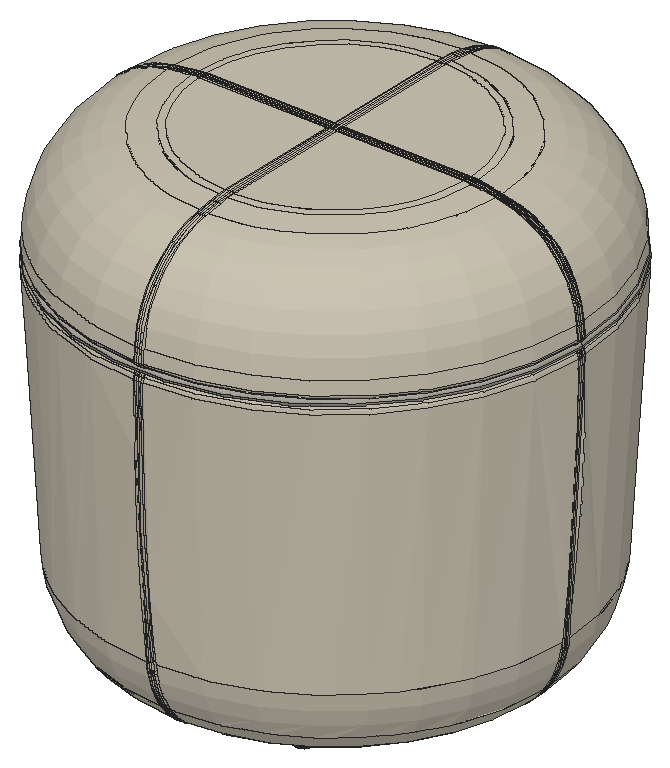
Revit family "okamura_MS36MCN_Lives Pouf_Φ450 H420", category Furniture, Revit 2017
Family settings
  OmniClass Number = 23.40.20.00
  OmniClass Title = General Furniture and Specialties
  Work Plane-Based = No
  Always vertical = Yes
  Cut with Voids When Loaded = No
  Shared = No
  Room Calculation Point = No
Parameters (values of type "FNW2（Beige）")
  Serial No. [instance] = ""
  Remarks = ""
  Product Specifications [instance] = "Φ450 H420"  # constant formula
  Product Number = "MS36MCN"  # constant formula
  Product Name [instance] = "Lives Pouf"  # constant formula
  Product Code [instance] = "MS36MCN"  # constant formula
  Product Categories = "Collaboration"  # constant formula
  Manufacturer = "Okamura Corporation"  # constant formula
  Kind = "Stool"  # constant formula
  Inntroduction Date [instance] = ""
  Groove = okm_XW2
  Tag = okm_P346
  Keynote = "12490"  # constant formula
  Common Specification = ""
  Color Name [instance] = "Beige"
  Color Code [instance] = "FNW2"
  Body = okm_FXW2
  Ball edge = okm_FKY7
  Assembly Code = "E2020200"
  W = 450.0 mm  # constant formula
  URL = "http://www.okamura.co.jp/"
  Product_URL = ""
  ID [instance] = ""
  H = 420.0 mm  # constant formula
  D = 450.0 mm  # constant formula
  Copyright [instance] = "©2021.01 okamura Corp."  # constant formula
Types (10, lengths in mm): name | Groove | Tag | Color Name | Color Code | Body | Ball edge
  FNW2（Beige） | okm_XW2 | okm_P346 | "Beige" | "FNW2" | okm_FXW2 | okm_FKY7
  FNW3（Dark brown） | okm_XW3 | okm_P346 | "Dark brown" | "FNW3" | okm_FXW3 | okm_FKY3
  FNW1（Gray） | okm_XW1 | okm_P601 | "Gray" | "FNW1" | okm_FXW1 | okm_FKY2
  FNW4（Indigo） | okm_XW4 | okm_P601 | "Indigo" | "FNW4" | okm_FXW4 | okm_FKY4
  FNW9（Sage） | okm_XW9 | okm_P601 | "Sage" | "FXW9" | okm_FXW9 | okm_FKY6
  FNW5（Dark green） | okm_XW5 | okm_PE76 | "Dark green" | "FNW5" | okm_FXW5 | okm_FKY5
  FNW7（Yellow） | okm_XW7 | okm_PE76 | "Yellow" | "FXW7" | okm_FXW7 | okm_FKY9
  FNW6（Terracotta） | okm_XW6 | okm_PE77 | "Terracotta" | "FNW6" | okm_FXW6 | okm_FKY8
  FNW8（Pale pink） | okm_XW8 | okm_PE77 | "Pale pink" | "FXW8" | okm_FXW8 | okm_FKZ7
  FNW0（Dark gray） | okm_XW0 | okm_P601 | "Dark gray" | "FNW0" | okm_FXW0 | okm_FKY1
Reference planes
  plane 1 "Center (Front/Back)": y = -225
  plane 2: z = 0
  plane 3 "Center (Left/Right)": x = 0
  plane 4 "Left": x = -225
  plane 5 "Right": x = 225
  plane 6 "Back": y = 0
  plane 7 "Front": y = -450
  plane 8 "上": z = 420
Forms (mm)
  Revolve 1, solid, material "okm_FXW2" <- "Body"
    sketch origin (0, -225, 0) x (1, 0, 0) y (0, 0, 1)
      loop
        line (0, 420) -> (-120.671, 420)
        arc (-120.671, 420) -> (-124.037, 419.887) -> (-127.389, 419.547) r 50
        line (-127.389, 419.547) -> (-149.623, 416.532)
        arc (-149.623, 416.532) -> (-200.272, 390.375) -> (-223.005, 338.099) r 85
        line (-223.005, 338.099) -> (-223.843, 325.84)
        arc (-223.843, 325.84) -> (-223.654, 324.569) -> (-222.95, 323.493) r 3
        line (-222.95, 323.493) -> (-220.732, 321.319) -> (-223.59, 314.81)
        arc (-223.59, 314.81) -> (-224.216, 312.862) -> (-224.433, 310.828) r 10
        arc (-224.433, 310.828) -> (-220.986, 192.306) -> (-209.752, 74.268) r 1801.826
        arc (-209.752, 74.268) -> (-203.697, 50.587) -> (-192.078, 29.082) r 100
        arc (-192.078, 29.082) -> (-184.944, 20.502) -> (-176.597, 13.095) r 73.752
        arc (-176.597, 13.095) -> (-170.879, 10.064) -> (-164.493, 9.017) r 20
        line (-164.493, 9.017) -> (0, 9.017) -> (0, 420)
      axis (0, 420) -> (0, 9.017)
    angle from 0 to 360
  Revolve 2, solid, material "okm_FKY7" <- "Ball edge"
    sketch origin (0, -225, -1.055) x (1, 0, 0) y (0, 0, 1)
      loop
        circle (-221.7, 320.913) r 3
      axis (0, 320.913) -> (0, 319.913)
    angle from 0 to 360
  Extrusion 3, solid, material "okm_P346" <- "Tag"
    sketch origin (0, 1.25, -0.625) x (0, 1, 0) y (0, 0, 1)
      loop
        line (37.534, 298.825) -> (34.019, 302.212)
        arc (34.019, 302.212) -> (28.992, 306.545) -> (23.517, 310.297) r 60
        line (23.517, 310.297) -> (22.306, 311.031)
        arc (22.306, 311.031) -> (15.941, 314.158) -> (9.124, 316.112) r 40
        line (9.124, 316.112) -> (-6.397, 319.103) -> (-7.043, 317.271) -> (8.521, 311.777)
        arc (8.521, 311.777) -> (15.548, 307.503) -> (20.261, 300.762) r 20
        line (20.261, 300.762) -> (23.616, 292.896)
        arc (23.616, 292.896) -> (30.506, 284.383) -> (40.846, 280.775) r 20
        line (40.846, 280.775) -> (43.291, 280.632)
        arc (43.291, 280.632) -> (46.401, 282.175) -> (46.653, 285.637) r 3.5
        line (46.653, 285.637) -> (45.865, 287.284)
        arc (45.865, 287.284) -> (42.217, 293.428) -> (37.534, 298.825) r 40
      loop
        arc (32.978, 301.132) -> (28.077, 305.357) -> (22.739, 309.014) r 58.5
        line (22.739, 309.014) -> (21.528, 309.749)
        arc (21.528, 309.749) -> (15.402, 312.759) -> (8.84, 314.639) r 38.5
        line (8.84, 314.639) -> (0.205, 316.303) -> (9.021, 313.191)
        arc (9.021, 313.191) -> (16.575, 308.597) -> (21.641, 301.351) r 21.5
        line (21.641, 301.351) -> (24.995, 293.485)
        arc (24.995, 293.485) -> (31.369, 285.61) -> (40.934, 282.273) r 18.5
        line (40.934, 282.273) -> (43.379, 282.13)
        arc (43.379, 282.13) -> (45.156, 283.011) -> (45.3, 284.99) r 2
        line (45.3, 284.99) -> (44.512, 286.636)
        arc (44.512, 286.636) -> (41.001, 292.55) -> (36.494, 297.745) r 38.5
        line (36.494, 297.745) -> (32.978, 301.132)
    from -24.948 to 22.993
  Extrusion 4, solid, material "okm_G155"
    sketch origin (0, 0, 0) x (1, 0, 0) y (0, 1, 0)
      loop
        circle (0, -225) r 161
    from 6.856 to 9.141
  Revolve 5, solid, material "okm_G155"
    sketch origin (4346.039, -96, -213.314) x (0, 0, -1) y (1, 0, 0)
      loop
        line (-215.382, -4430.948) -> (-213.314, -4428.713) -> (-213.314, -4420.694) -> (-220.474, -4420.694) -> (-220.474, -4431.166) -> (-215.382, -4430.948)
      axis (-220.474, -4420.694) -> (-213.314, -4420.694)
    angle from 0 to 360
  Revolve 6, solid, material "okm_G155"
    sketch origin (4272.2, -238, -213.314) x (0, 0, -1) y (-1, 0, 0)
      loop
        line (-215.382, 4430.948) -> (-220.474, 4431.166) -> (-220.474, 4420.694) -> (-213.314, 4420.694) -> (-213.314, 4428.713) -> (-215.382, 4430.948)
      axis (-220.474, 4420.694) -> (-213.314, 4420.694)
    angle from 0 to 360
  Revolve 7, solid, material "okm_G155"
    sketch origin (-4272.2, -212, -213.314) x (0, 0, -1) y (1, 0, 0)
      loop
        line (-215.382, 4430.948) -> (-220.474, 4431.166) -> (-220.474, 4420.694) -> (-213.314, 4420.694) -> (-213.314, 4428.713) -> (-215.382, 4430.948)
      axis (-220.474, 4420.694) -> (-213.314, 4420.694)
    angle from 0 to 360
  Revolve 8, solid, material "okm_G155"
    sketch origin (-4346.164, -96, -213.314) x (0, 0, -1) y (1, 0, 0)
      loop
        line (-215.382, 4430.948) -> (-220.474, 4431.166) -> (-220.474, 4420.694) -> (-213.314, 4420.694) -> (-213.314, 4428.713) -> (-215.382, 4430.948)
      axis (-220.474, 4420.694) -> (-213.314, 4420.694)
    angle from 0 to 360
  Extrusion 9, void
    sketch origin (0, 0, 0) x (0, 1, 0) y (0, 0, 1)
      loop
        line (-220.775, -45.103) -> (-220.775, 475) -> (-229.225, 475) -> (-229.225, -45.103) -> (-220.775, -45.103)
    from -245.258 to 250
  Sweep 10, solid, material "okm_XW2" <- "Groove"
    path origin (0, -225, 0) x (0, 1, 0) y (0, 0, -1)
      loop
        line (161, -9.017) -> (165.065, -9.017)
        arc (165.065, -9.017) -> (166.404, -9.107) -> (167.719, -9.375) r 10
        line (167.719, -9.375) -> (172.951, -10.815)
        arc (172.951, -10.815) -> (174.79, -11.523) -> (176.455, -12.578) r 10
        arc (176.455, -12.578) -> (197.893, -36.663) -> (209.466, -66.758) r 90
        arc (209.466, -66.758) -> (209.709, -68.156) -> (209.914, -69.559) r 50
        arc (209.914, -69.559) -> (221.543, -190.248) -> (224.895, -311.45) r 1772.827
        arc (224.895, -311.45) -> (224.698, -313.36) -> (224.139, -315.198) r 10
        line (224.139, -315.198) -> (221.595, -321.365) -> (223.774, -323.493)
        arc (223.774, -323.493) -> (224.481, -324.569) -> (224.672, -325.842) r 3
        line (224.672, -325.842) -> (223.873, -337.64)
        arc (223.873, -337.64) -> (202.096, -388.928) -> (153.234, -415.709) r 85
        line (153.234, -415.709) -> (136.123, -418.601)
        arc (136.123, -418.601) -> (127.819, -419.65) -> (119.457, -420) r 100
        line (119.457, -420) -> (-119.457, -420)
        arc (-119.457, -420) -> (-127.819, -419.65) -> (-136.123, -418.601) r 100
        line (-136.123, -418.601) -> (-153.234, -415.709)
        arc (-153.234, -415.709) -> (-202.096, -388.928) -> (-223.873, -337.64) r 85
        line (-223.873, -337.64) -> (-224.672, -325.842)
        arc (-224.672, -325.842) -> (-224.481, -324.569) -> (-223.774, -323.493) r 3
        line (-223.774, -323.493) -> (-221.595, -321.365) -> (-224.139, -315.198)
        arc (-224.139, -315.198) -> (-224.698, -313.36) -> (-224.895, -311.45) r 10
        arc (-224.895, -311.45) -> (-221.543, -190.248) -> (-209.914, -69.559) r 1772.827
        arc (-209.914, -69.559) -> (-209.709, -68.156) -> (-209.466, -66.758) r 50
        arc (-209.466, -66.758) -> (-197.893, -36.663) -> (-176.455, -12.578) r 90
        arc (-176.455, -12.578) -> (-174.79, -11.523) -> (-172.951, -10.815) r 10
        line (-172.951, -10.815) -> (-167.719, -9.375)
        arc (-167.719, -9.375) -> (-166.404, -9.107) -> (-165.065, -9.017) r 10
        line (-165.065, -9.017) -> (-161, -9.017)
    profile origin (0, -225, 420) x (0, 0, 1) y (-1, 0, 0)
      loop
        line (0, 1) -> (0, 3)
        arc (0, 3) -> (-0.282, 3.791) -> (-1, 4.225) r 1.25
        line (-1, 4.225) -> (-1, -4.225)
        arc (-1, -4.225) -> (-0.282, -3.791) -> (0, -3) r 1.25
        line (0, -3) -> (0, -1)
        arc (0, -1) -> (-0.119, -0.451) -> (-0.453, 0) r 1.33
        arc (-0.453, 0) -> (-0.119, 0.451) -> (0, 1) r 1.33
  Extrusion 11, void
    sketch origin (225, -225, 0) x (1, 0, 0) y (0, 0, -1)
      loop
        line (-220.775, 45.103) -> (-229.225, 45.103) -> (-229.225, -475) -> (-220.775, -475) -> (-220.775, 45.103)
    from -245.258 to 250
  Revolve 12, solid, material "okm_G155"
    sketch origin (4346.039, -354, -213.314) x (0, 0, -1) y (-1, 0, 0)
      loop
        line (-215.382, 4430.948) -> (-220.474, 4431.166) -> (-220.474, 4420.694) -> (-213.314, 4420.694) -> (-213.314, 4428.713) -> (-215.382, 4430.948)
      axis (-220.474, 4420.694) -> (-213.314, 4420.694)
    angle from 0 to 360
  Revolve 13, solid, material "okm_G155"
    sketch origin (-4346.164, -354, -213.314) x (0, 0, -1) y (-1, 0, 0)
      loop
        line (-215.382, -4430.948) -> (-213.314, -4428.713) -> (-213.314, -4420.694) -> (-220.474, -4420.694) -> (-220.474, -4431.166) -> (-215.382, -4430.948)
      axis (-220.474, -4420.694) -> (-213.314, -4420.694)
    angle from 0 to 360
  Sweep 14, solid, material "okm_XW2" <- "Groove"
    path origin (0, -225, 0) x (1, 0, 0) y (0, 0, 1)
      loop
        line (161, 9.017) -> (165.065, 9.017)
        arc (165.065, 9.017) -> (166.404, 9.107) -> (167.719, 9.375) r 10
        line (167.719, 9.375) -> (172.951, 10.815)
        arc (172.951, 10.815) -> (174.79, 11.523) -> (176.455, 12.578) r 10
        arc (176.455, 12.578) -> (197.893, 36.663) -> (209.466, 66.758) r 90
        arc (209.466, 66.758) -> (209.709, 68.156) -> (209.914, 69.559) r 50
        arc (209.914, 69.559) -> (221.543, 190.248) -> (224.895, 311.45) r 1772.827
        arc (224.895, 311.45) -> (224.698, 313.36) -> (224.139, 315.198) r 10
        line (224.139, 315.198) -> (221.595, 321.365) -> (223.774, 323.493)
        arc (223.774, 323.493) -> (224.481, 324.569) -> (224.672, 325.842) r 3
        line (224.672, 325.842) -> (223.873, 337.64)
        arc (223.873, 337.64) -> (202.096, 388.928) -> (153.234, 415.709) r 85
        line (153.234, 415.709) -> (136.123, 418.601)
        arc (136.123, 418.601) -> (127.819, 419.65) -> (119.457, 420) r 100
        line (119.457, 420) -> (-119.457, 420)
        arc (-119.457, 420) -> (-127.819, 419.65) -> (-136.123, 418.601) r 100
        line (-136.123, 418.601) -> (-153.234, 415.709)
        arc (-153.234, 415.709) -> (-202.096, 388.928) -> (-223.873, 337.64) r 85
        line (-223.873, 337.64) -> (-224.672, 325.842)
        arc (-224.672, 325.842) -> (-224.481, 324.569) -> (-223.774, 323.493) r 3
        line (-223.774, 323.493) -> (-221.595, 321.365) -> (-224.139, 315.198)
        arc (-224.139, 315.198) -> (-224.698, 313.36) -> (-224.895, 311.45) r 10
        arc (-224.895, 311.45) -> (-221.543, 190.248) -> (-209.914, 69.559) r 1772.827
        arc (-209.914, 69.559) -> (-209.709, 68.156) -> (-209.466, 66.758) r 50
        arc (-209.466, 66.758) -> (-197.893, 36.663) -> (-176.455, 12.578) r 90
        arc (-176.455, 12.578) -> (-174.79, 11.523) -> (-172.951, 10.815) r 10
        line (-172.951, 10.815) -> (-167.719, 9.375)
        arc (-167.719, 9.375) -> (-166.404, 9.107) -> (-165.065, 9.017) r 10
        line (-165.065, 9.017) -> (-161, 9.017)
    profile origin (0, -225, 420) x (0, 0, -1) y (0, -1, 0)
      loop
        arc (0, 1) -> (0.119, 0.451) -> (0.453, 0) r 1.33
        arc (0.453, 0) -> (0.119, -0.451) -> (0, -1) r 1.33
        line (0, -1) -> (0, -3)
        arc (0, -3) -> (0.282, -3.791) -> (1, -4.225) r 1.25
        line (1, -4.225) -> (1, 4.225)
        arc (1, 4.225) -> (0.282, 3.791) -> (0, 3) r 1.25
        line (0, 3) -> (0, 1)
Cuts and joins
  Extrusion 9, Extrusion 11 cuts Revolve 5
  Extrusion 9, Extrusion 11 cuts Revolve 6
  Extrusion 9, Extrusion 11 cuts Revolve 7
  Extrusion 9, Extrusion 11 cuts Revolve 8
  joined: Extrusion 4, Revolve 5, Revolve 6, Revolve 7, Revolve 8, Revolve 12, Revolve 13
  Extrusion 9, Extrusion 11 cuts Revolve 1
  joined: Sweep 10, Sweep 14
Lines and regions (mm)
  Masking region 1
    outline origin (0, 0, 0) x (1, 0, 0) y (0, 1, 0)
      loop
        circle (-0.001, -224.999) r 225
  symbolic lines, style "okm_標準・詳細", detail levels medium+fine
    curve 1: circle (0.001, -225.001, 0) r 224.999 normal (0, 0, 1)
  symbolic lines, style "okm_簡略", detail levels coarse
    curve 2: circle (-0.001, -224.999, 0) r 225 normal (0, 0, 1)
Dimensions and locks
  equal spacing: plane 4 "Left", plane 3 "Center (Left/Right)", plane 5 "Right"
  "W": plane 4 "Left" to plane 5 "Right"
  equal spacing: plane 7 "Front", plane 1 "Center (Front/Back)", plane 6 "Back"
  "D": plane 7 "Front" to plane 6 "Back"
  "H": plane 8 "上" to level
  aligned and locked: level to plane 2
Automatic sketch dimensions
  curve 2 to plane 3 "Center (Left/Right)" = 0.001 mm
  plane 3 "Center (Left/Right)" to curve 1 = 0.001 mm
  plane 1 "Center (Front/Back)" to curve 1 = 0.001 mm
  curve 2 to plane 1 "Center (Front/Back)" = 0.001 mm
  Revolve 1 sketch curve to plane 8 "上" = 0.0 mm
  Revolve 1 sketch curve to plane 3 "Center (Left/Right)" = 0.0 mm  (x2)
  Revolve 1 sketch curve to plane 3 "Center (Left/Right)" = 110.567 mm
  plane 4 "Left" to Revolve 1 sketch curve = 104.329 mm
  Revolve 1 sketch curve to plane 8 "上" = 0.453 mm
  Revolve 1 sketch curve to Revolve 1 sketch curve = 6.718 mm
  Revolve 1 sketch curve to Revolve 1 sketch curve = 21.395 mm
  Revolve 1 sketch curve to Revolve 1 sketch curve = 17.532 mm
  Revolve 1 sketch curve to plane 8 "上" = 3.468 mm
  Revolve 1 sketch curve to Revolve 1 sketch curve = 22.234 mm
  level to Revolve 1 sketch curve = 9.017 mm
  plane 4 "Left" to Revolve 1 sketch curve = 60.507 mm
  plane 4 "Left" to Revolve 1 sketch curve = 10.567 mm
  plane 4 "Left" to Revolve 1 sketch curve = 4.268 mm
  plane 4 "Left" to Revolve 1 sketch curve = 4.15 mm
  plane 4 "Left" to Revolve 1 sketch curve = 2.05 mm
  plane 4 "Left" to Revolve 1 sketch curve = 1.995 mm
  plane 4 "Left" to Revolve 1 sketch curve = 1.41 mm
  plane 4 "Left" to Revolve 1 sketch curve = 1.157 mm
  Revolve 1 sketch curve to plane 8 "上" = 116.082 mm
  plane 5 "Right" to Revolve 1 sketch curve = 1352.379 mm
  Revolve 1 sketch curve to Revolve 1 sketch curve = 20.0 mm
  Revolve 1 sketch curve to Revolve 1 sketch curve = 42.79 mm
  Revolve 1 sketch curve to Revolve 1 sketch curve = 15.206 mm
  Revolve 1 sketch curve to plane 8 "上" = 109.21 mm
  Revolve 1 sketch curve to Revolve 1 sketch curve = 4.02 mm
  Revolve 1 sketch curve to Revolve 1 sketch curve = 6.509 mm
  Revolve 1 sketch curve to Revolve 1 sketch curve = 2.174 mm
  Revolve 1 sketch curve to Revolve 1 sketch curve = 2.143 mm
  Revolve 1 sketch curve to Revolve 1 sketch curve = 37.697 mm
  Revolve 1 sketch curve to Revolve 1 sketch curve = 0.0 mm  (x3)
  Revolve 1 sketch curve to level = 440.494 mm
  plane 8 "上" to Revolve 1 sketch curve = 1497.414 mm
  plane 3 "Center (Left/Right)" to Revolve 2 sketch curve = 0.0 mm
  plane 4 "Left" to Revolve 2 sketch curve = 3.3 mm
  Revolve 2 sketch curve to plane 8 "上" = 100.142 mm
  Revolve 2 sketch curve to level = 441.549 mm
  plane 8 "上" to Revolve 2 sketch curve = 1496.36 mm
  Extrusion 3 sketch curve to Extrusion 3 sketch curve = 0.0 mm  (x12)
  plane 6 "Back" to Extrusion 3 sketch curve = 6.359 mm
  plane 6 "Back" to Extrusion 3 sketch curve = 5.793 mm
  Extrusion 3 sketch curve to Extrusion 3 sketch curve = 0.647 mm  (x2)
  Extrusion 3 sketch curve to plane 6 "Back" = 1.455 mm
  Extrusion 3 sketch curve to plane 6 "Back" = 2.806 mm
  Extrusion 3 sketch curve to plane 6 "Back" = 3.114 mm
  Extrusion 3 sketch curve to Extrusion 3 sketch curve = 8.316 mm
  Extrusion 3 sketch curve to Extrusion 3 sketch curve = 0.319 mm
  Extrusion 3 sketch curve to Extrusion 3 sketch curve = 0.181 mm
  Extrusion 3 sketch curve to Extrusion 3 sketch curve = 0.284 mm
  Extrusion 3 sketch curve to Extrusion 3 sketch curve = 8.227 mm
  Extrusion 3 sketch curve to Extrusion 3 sketch curve = 11.74 mm
  Extrusion 3 sketch curve to Extrusion 3 sketch curve = 1.267 mm
  Extrusion 3 sketch curve to Extrusion 3 sketch curve = 1.38 mm  (x2)
  Extrusion 3 sketch curve to Extrusion 3 sketch curve = 0.778 mm
  Extrusion 3 sketch curve to Extrusion 3 sketch curve = 1.211 mm  (x2)
  Extrusion 3 sketch curve to Extrusion 3 sketch curve = 3.354 mm
  Extrusion 3 sketch curve to Extrusion 3 sketch curve = 7.982 mm
  Extrusion 3 sketch curve to Extrusion 3 sketch curve = 1.041 mm  (x2)
  Extrusion 3 sketch curve to Extrusion 3 sketch curve = 3.516 mm
  Extrusion 3 sketch curve to Extrusion 3 sketch curve = 4.353 mm
  Extrusion 3 sketch curve to Extrusion 3 sketch curve = 0.087 mm  (x2)
  Extrusion 3 sketch curve to Extrusion 3 sketch curve = 4.478 mm
  Extrusion 3 sketch curve to Extrusion 3 sketch curve = 2.445 mm
  Extrusion 3 sketch curve to Extrusion 3 sketch curve = 0.117 mm
  Extrusion 3 sketch curve to Extrusion 3 sketch curve = 1.016 mm
  Extrusion 3 sketch curve to Extrusion 3 sketch curve = 0.788 mm
  Extrusion 3 sketch curve to Extrusion 3 sketch curve = 1.353 mm  (x2)
  Extrusion 3 sketch curve to plane 8 "上" = 161.623 mm
  Extrusion 3 sketch curve to Extrusion 3 sketch curve = 11.017 mm
  Extrusion 3 sketch curve to Extrusion 3 sketch curve = 6.816 mm
  Extrusion 3 sketch curve to Extrusion 3 sketch curve = 10.614 mm
  Extrusion 3 sketch curve to Extrusion 3 sketch curve = 0.143 mm
  Extrusion 3 sketch curve to Extrusion 3 sketch curve = 1.497 mm  (x2)
  Extrusion 3 sketch curve to Extrusion 3 sketch curve = 1.997 mm
  Extrusion 3 sketch curve to Extrusion 3 sketch curve = 1.646 mm
  Extrusion 3 sketch curve to Extrusion 3 sketch curve = 4.849 mm
  Extrusion 3 sketch curve to Extrusion 3 sketch curve = 16.083 mm
  Extrusion 3 sketch curve to Extrusion 3 sketch curve = 7.866 mm
  Extrusion 3 sketch curve to Extrusion 3 sketch curve = 3.387 mm
  Extrusion 3 sketch curve to Extrusion 3 sketch curve = 0.588 mm
  Extrusion 3 sketch curve to Extrusion 3 sketch curve = 1.08 mm
  Extrusion 3 sketch curve to Extrusion 3 sketch curve = 0.735 mm  (x2)
  Extrusion 3 sketch curve to Extrusion 3 sketch curve = 1.664 mm
  Extrusion 3 sketch curve to Extrusion 3 sketch curve = 0.968 mm
  plane 1 "Center (Front/Back)" to Extrusion 4 sketch curve = 0.0 mm
  Extrusion 4 sketch curve to plane 3 "Center (Left/Right)" = 0.0 mm
  Revolve 5 sketch curve to level = 0.0 mm  (x2)
  level to Revolve 5 sketch curve = 2.069 mm
  level to Revolve 5 sketch curve = 7.161 mm
  Revolve 5 sketch curve to plane 3 "Center (Left/Right)" = 85.127 mm
  Revolve 5 sketch curve to Revolve 5 sketch curve = 0.219 mm
  Revolve 5 sketch curve to Revolve 5 sketch curve = 2.234 mm
  Revolve 5 sketch curve to Revolve 5 sketch curve = 8.02 mm
  Revolve 5 sketch curve to Revolve 5 sketch curve = 8.149 mm
  Revolve 5 sketch curve to Revolve 5 sketch curve = 0.0 mm
  Revolve 6 sketch curve to level = 0.0 mm  (x2)
  level to Revolve 6 sketch curve = 2.069 mm
  level to Revolve 6 sketch curve = 7.161 mm
  plane 4 "Left" to Revolve 6 sketch curve = 76.506 mm
  Revolve 6 sketch curve to Revolve 6 sketch curve = 8.02 mm
  Revolve 6 sketch curve to Revolve 6 sketch curve = 2.234 mm
  Revolve 6 sketch curve to Revolve 6 sketch curve = 0.219 mm
  Revolve 6 sketch curve to Revolve 6 sketch curve = 8.149 mm
  Revolve 6 sketch curve to Revolve 6 sketch curve = 0.0 mm
  Revolve 7 sketch curve to level = 0.0 mm  (x2)
  level to Revolve 7 sketch curve = 2.069 mm
  level to Revolve 7 sketch curve = 7.161 mm
  Revolve 7 sketch curve to plane 5 "Right" = 76.506 mm
  Revolve 7 sketch curve to Revolve 7 sketch curve = 8.02 mm
  Revolve 7 sketch curve to Revolve 7 sketch curve = 2.234 mm
  Revolve 7 sketch curve to Revolve 7 sketch curve = 0.219 mm
  Revolve 7 sketch curve to Revolve 7 sketch curve = 8.149 mm
  Revolve 7 sketch curve to Revolve 7 sketch curve = 0.0 mm
  Revolve 8 sketch curve to level = 0.0 mm  (x2)
  level to Revolve 8 sketch curve = 2.069 mm
  level to Revolve 8 sketch curve = 7.161 mm
  plane 3 "Center (Left/Right)" to Revolve 8 sketch curve = 74.53 mm
  Revolve 8 sketch curve to Revolve 8 sketch curve = 8.02 mm
  Revolve 8 sketch curve to Revolve 8 sketch curve = 2.234 mm
  Revolve 8 sketch curve to Revolve 8 sketch curve = 0.219 mm
  Revolve 8 sketch curve to Revolve 8 sketch curve = 8.149 mm
  Revolve 8 sketch curve to Revolve 8 sketch curve = 0.0 mm
  plane 1 "Center (Front/Back)" to Extrusion 9 sketch curve = 4.225 mm
  Extrusion 9 sketch curve to plane 1 "Center (Front/Back)" = 4.225 mm
  Extrusion 9 sketch curve to level = 45.103 mm
  plane 8 "上" to Extrusion 9 sketch curve = 55.0 mm
  Sweep 10 sketch curve to plane 8 "上" = 0.0 mm
  Sweep 10 sketch curve to plane 8 "上" = 120.163 mm  (x2)
  plane 7 "Front" to Sweep 10 sketch curve = 1322.895 mm
  Sweep 10 sketch curve to plane 7 "Front" = 0.328 mm
  Sweep 10 sketch curve to plane 7 "Front" = 0.861 mm
  Sweep 10 sketch curve to plane 7 "Front" = 1.127 mm
  Sweep 10 sketch curve to plane 7 "Front" = 1.226 mm
  Sweep 10 sketch curve to Sweep 10 sketch curve = 2.993 mm
  Sweep 10 sketch curve to Sweep 10 sketch curve = 2.18 mm
  Sweep 10 sketch curve to Sweep 10 sketch curve = 9.244 mm
  level to Sweep 10 sketch curve = 10.815 mm  (x2)
  Sweep 10 sketch curve to plane 7 "Front" = 52.049 mm
  Sweep 10 sketch curve to Sweep 10 sketch curve = 2.654 mm  (x3)
  level to Sweep 10 sketch curve = 9.375 mm  (x2)
  Sweep 10 sketch curve to Sweep 10 sketch curve = 5.232 mm  (x3)
  Sweep 10 sketch curve to Sweep 10 sketch curve = 9.96 mm
  Sweep 10 sketch curve to plane 8 "上" = 4.291 mm  (x2)
  Sweep 10 sketch curve to plane 7 "Front" = 71.766 mm
  Sweep 10 sketch curve to Sweep 10 sketch curve = 75.828 mm
  Sweep 10 sketch curve to plane 8 "上" = 1.399 mm  (x2)
  Sweep 10 sketch curve to Sweep 10 sketch curve = 17.11 mm  (x2)
  Sweep 10 sketch curve to Sweep 10 sketch curve = 39.303 mm  (x2)
  Sweep 10 sketch curve to Sweep 10 sketch curve = 19.61 mm  (x2)
  plane 6 "Back" to Sweep 10 sketch curve = 105.543 mm
  plane 6 "Back" to Sweep 10 sketch curve = 103.966 mm
  Sweep 10 sketch curve to Sweep 10 sketch curve = 16.666 mm
  level to Sweep 10 sketch curve = 9.017 mm
  plane 6 "Back" to Sweep 10 sketch curve = 59.935 mm
  plane 6 "Back" to Sweep 10 sketch curve = 10.105 mm
  plane 6 "Back" to Sweep 10 sketch curve = 3.405 mm
  plane 6 "Back" to Sweep 10 sketch curve = 3.321 mm
  plane 6 "Back" to Sweep 10 sketch curve = 1.226 mm
  plane 6 "Back" to Sweep 10 sketch curve = 1.127 mm
  plane 6 "Back" to Sweep 10 sketch curve = 0.861 mm
  plane 6 "Back" to Sweep 10 sketch curve = 0.328 mm
  Sweep 10 sketch curve to plane 6 "Back" = 1322.895 mm
  Sweep 10 sketch curve to plane 8 "上" = 82.36 mm  (x2)
  Sweep 10 sketch curve to Sweep 10 sketch curve = 11.798 mm  (x2)
  Sweep 10 sketch curve to Sweep 10 sketch curve = 0.203 mm  (x2)
  Sweep 10 sketch curve to Sweep 10 sketch curve = 2.128 mm  (x2)
  Sweep 10 sketch curve to Sweep 10 sketch curve = 6.167 mm  (x2)
  Sweep 10 sketch curve to Sweep 10 sketch curve = 3.814 mm  (x2)
  level to Sweep 10 sketch curve = 83.49 mm
  Sweep 10 sketch curve to Sweep 10 sketch curve = 64.473 mm
  Sweep 10 sketch curve to Sweep 10 sketch curve = 7.436 mm  (x2)
  Sweep 10 sketch curve to Sweep 10 sketch curve = 9.641 mm
  Sweep 10 sketch curve to Sweep 10 sketch curve = 1.44 mm  (x2)
  Sweep 10 sketch curve to Sweep 10 sketch curve = 0.0 mm  (x6)
  Sweep 10 sketch curve to Sweep 10 sketch curve = 4.065 mm  (x2)
  profile plane to Sweep 10 sketch curve = 0.0 mm
  Sweep 10 sketch curve to profile plane = 0.0 mm  (x2)
  profile plane to Sweep 10 sketch curve = 1.0 mm  (x2)
  Sweep 10 sketch curve to Sweep 10 sketch curve = 0.25 mm  (x2)
  Sweep 10 sketch curve to Sweep 10 sketch curve = 1.33 mm  (x2)
  Sweep 10 sketch curve to Sweep 10 sketch curve = 2.0 mm  (x2)
  Extrusion 11 sketch curve to plane 3 "Center (Left/Right)" = 4.225 mm
  plane 3 "Center (Left/Right)" to Extrusion 11 sketch curve = 4.225 mm
  plane 8 "上" to Extrusion 11 sketch curve = 55.0 mm
  Extrusion 11 sketch curve to level = 45.103 mm
  Masking region 1 sketch curve to plane 3 "Center (Left/Right)" = 0.001 mm
  Masking region 1 sketch curve to plane 1 "Center (Front/Back)" = 0.001 mm
  Revolve 12 sketch curve to level = 0.0 mm  (x2)
  level to Revolve 12 sketch curve = 2.069 mm
  level to Revolve 12 sketch curve = 7.161 mm
  Revolve 12 sketch curve to plane 3 "Center (Left/Right)" = 74.654 mm
  Revolve 12 sketch curve to Revolve 12 sketch curve = 8.02 mm
  Revolve 12 sketch curve to Revolve 12 sketch curve = 2.234 mm
  Revolve 12 sketch curve to Revolve 12 sketch curve = 0.219 mm
  Revolve 12 sketch curve to Revolve 12 sketch curve = 8.149 mm
  Revolve 12 sketch curve to Revolve 12 sketch curve = 0.0 mm
  Revolve 13 sketch curve to level = 0.0 mm  (x2)
  level to Revolve 13 sketch curve = 2.069 mm
  level to Revolve 13 sketch curve = 7.161 mm
  plane 3 "Center (Left/Right)" to Revolve 13 sketch curve = 85.003 mm
  Revolve 13 sketch curve to Revolve 13 sketch curve = 0.219 mm
  Revolve 13 sketch curve to Revolve 13 sketch curve = 2.234 mm
  Revolve 13 sketch curve to Revolve 13 sketch curve = 8.02 mm
  Revolve 13 sketch curve to Revolve 13 sketch curve = 8.149 mm
  Revolve 13 sketch curve to Revolve 13 sketch curve = 0.0 mm
  Sweep 14 sketch curve to plane 8 "上" = 0.0 mm
  Sweep 14 sketch curve to plane 8 "上" = 120.163 mm  (x2)
  Sweep 14 sketch curve to plane 4 "Left" = 1322.895 mm
  plane 4 "Left" to Sweep 14 sketch curve = 0.328 mm
  plane 4 "Left" to Sweep 14 sketch curve = 0.861 mm
  plane 4 "Left" to Sweep 14 sketch curve = 1.127 mm
  plane 4 "Left" to Sweep 14 sketch curve = 1.226 mm
  Sweep 14 sketch curve to Sweep 14 sketch curve = 2.096 mm
  Sweep 14 sketch curve to Sweep 14 sketch curve = 2.18 mm
  Sweep 14 sketch curve to Sweep 14 sketch curve = 9.244 mm
  level to Sweep 14 sketch curve = 10.815 mm  (x2)
  plane 4 "Left" to Sweep 14 sketch curve = 52.049 mm
  Sweep 14 sketch curve to Sweep 14 sketch curve = 2.654 mm  (x3)
  level to Sweep 14 sketch curve = 9.375 mm  (x2)
  Sweep 14 sketch curve to Sweep 14 sketch curve = 5.232 mm  (x3)
  Sweep 14 sketch curve to Sweep 14 sketch curve = 9.96 mm
  Sweep 14 sketch curve to plane 8 "上" = 4.291 mm  (x2)
  plane 4 "Left" to Sweep 14 sketch curve = 71.766 mm
  Sweep 14 sketch curve to Sweep 14 sketch curve = 75.828 mm
  Sweep 14 sketch curve to plane 8 "上" = 1.399 mm  (x2)
  Sweep 14 sketch curve to Sweep 14 sketch curve = 17.11 mm  (x2)
  Sweep 14 sketch curve to Sweep 14 sketch curve = 39.303 mm  (x2)
  Sweep 14 sketch curve to Sweep 14 sketch curve = 19.61 mm  (x2)
  Sweep 14 sketch curve to plane 5 "Right" = 105.543 mm
  Sweep 14 sketch curve to plane 5 "Right" = 103.966 mm
  Sweep 14 sketch curve to Sweep 14 sketch curve = 16.666 mm
  level to Sweep 14 sketch curve = 9.017 mm
  Sweep 14 sketch curve to plane 5 "Right" = 59.935 mm
  Sweep 14 sketch curve to plane 5 "Right" = 10.105 mm
  Sweep 14 sketch curve to plane 5 "Right" = 3.405 mm
  Sweep 14 sketch curve to plane 5 "Right" = 3.321 mm
  Sweep 14 sketch curve to plane 5 "Right" = 1.226 mm
  Sweep 14 sketch curve to plane 5 "Right" = 1.127 mm
  Sweep 14 sketch curve to plane 5 "Right" = 0.861 mm
  Sweep 14 sketch curve to plane 5 "Right" = 0.328 mm
  plane 5 "Right" to Sweep 14 sketch curve = 1322.895 mm
  Sweep 14 sketch curve to Sweep 14 sketch curve = 0.359 mm
  Sweep 14 sketch curve to Sweep 14 sketch curve = 1.44 mm  (x2)
  Sweep 14 sketch curve to Sweep 14 sketch curve = 55.597 mm  (x2)
  Sweep 14 sketch curve to Sweep 14 sketch curve = 7.436 mm  (x2)
  Sweep 14 sketch curve to Sweep 14 sketch curve = 8.616 mm  (x2)
  Sweep 14 sketch curve to Sweep 14 sketch curve = 3.814 mm  (x2)
  Sweep 14 sketch curve to Sweep 14 sketch curve = 6.167 mm  (x2)
  Sweep 14 sketch curve to Sweep 14 sketch curve = 2.128 mm  (x2)
  Sweep 14 sketch curve to Sweep 14 sketch curve = 2.146 mm  (x2)
  Sweep 14 sketch curve to Sweep 14 sketch curve = 11.898 mm  (x2)
  Sweep 14 sketch curve to Sweep 14 sketch curve = 0.0 mm  (x6)
  Sweep 14 sketch curve to Sweep 14 sketch curve = 4.065 mm  (x2)
  Sweep 14 sketch curve to profile plane = 0.0 mm  (x3)
  Sweep 14 sketch curve to profile plane = 1.0 mm
  Sweep 14 sketch curve to Sweep 14 sketch curve = 0.25 mm  (x2)
  Sweep 14 sketch curve to Sweep 14 sketch curve = 1.33 mm  (x2)
  profile plane to Sweep 14 sketch curve = 1.0 mm
  Sweep 14 sketch curve to Sweep 14 sketch curve = 2.0 mm  (x2)
  radius of curve 1 = 224.999 mm
  radius of curve 2 = 225.0 mm
  radius of Revolve 2 sketch curve = 3.0 mm
  radius of Extrusion 4 sketch curve = 161.0 mm
  radius of Masking region 1 sketch curve = 225.0 mm
